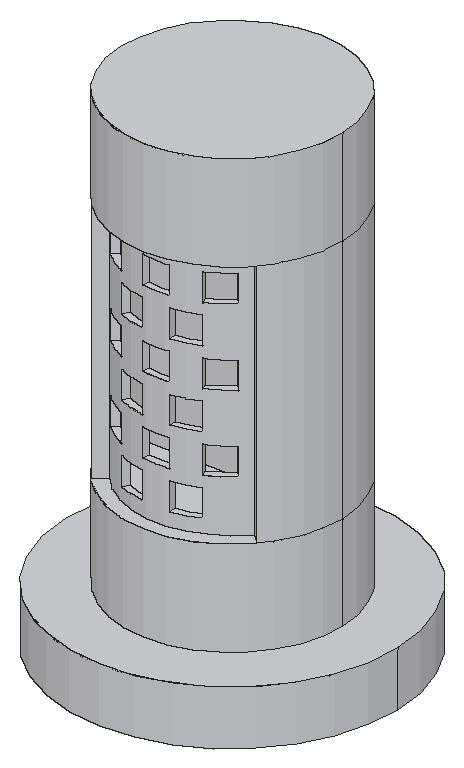
Revit family
Parameters (values of type "SBSP-015.5")
  Width = 2' - 8"
  URL = "www.strombergarchitectural.com"
  Top Material = GFRP
  Submittal Sheet = "www.strombergarchitectural.com/images/materials/gfrc/submittal/gfrc-submittal-sheet.pdf"
  Specifications = "www.strombergarchitectural.com/gfrcspecifications"
  Model Cut-sheet = "www.strombergarchitectural.com/products/bollards/design/SBSP-015"
  Model = "SBSP-015"
  Manufacturer = "Stromberg Architectural Products"
  Guidebook = "www.strombergarchitectural.com/images/materials/gfrc/handbooks/gfrc_guidebook.pdf"
  Frame Material = none
  Description = "GFRC Bollard"
  Assembly Code = ""
  Height = 4' - 0"
  XXX.5 = yes
  XXX.4 = no
  XXX.3 = no
  XXX.2 = no
  XXX.1 = no
Types (6): name | Width | Top Material | Guidebook | Height | XXX.5 | XXX.4 | XXX.3 | XXX.2 | XXX.1
  (no name) | 2' - 8" | GFRP | "www.strombergarchitectural.com/images/materials/gfrc/handbooks/gfrc_guidebook.pdf" | 4' - 0" | yes | no | no | no | no
  SBSP-015.3 | 2' - 0" | GFRC | "www.strombergarchitectural.com/images/materials/gfrc/handbooks/gfrc_guidebook.pdf" | 3' - 0" | no | no | yes | no | no
  SBSP-015.1 | 1' - 4" | GFRC | "www.strombergarchitectural.com/images/materials/gfrc/handbooks/gfrc_guidebook.pdf   \r\n(http://www.strombergarchitectural.com/images/materials/gfrc/handbooks/gfrc_guidebook.pdf" | 2' - 0" | no | no | no | no | yes
  SBSP-015.2 | 1' - 8" | GFRC | "www.strombergarchitectural.com/images/materials/gfrc/handbooks/gfrc_guidebook.pdf" | 2' - 6" | no | no | no | yes | no
  SBSP-015.4 | 2' - 4" | GFRC | "www.strombergarchitectural.com/images/materials/gfrc/handbooks/gfrc_guidebook.pdf" | 3' - 6" | no | yes | no | no | no
  SBSP-015.5 | 2' - 8" | GFRP | "www.strombergarchitectural.com/images/materials/gfrc/handbooks/gfrc_guidebook.pdf" | 4' - 0" | yes | no | no | no | no
Reference planes (in)
  plane 1 "Center (Front/Back)": y = 3.74847
  plane 2: z = 0
  plane 3 "Center (Left/Right)": x = 0.7278
  plane 4 "Front": y = -3.25153
  plane 5 "Back": y = 10.74847
  plane 6: z = 5.33333
  plane 7: z = 14.66667
  plane 8: z = 38.66667
  plane 9: z = 48
  plane 10: z = 16
  plane 11: y = -6.9182
  plane 12: y = 14.41513
Forms (in)
  Extrusion 1, solid, visible <- "XXX.1"
    sketch origin (0, 0, 0) x (1, 0, 0) y (0, 1, 0)
      loop
        circle (0.7278, 3.74847) r 8
    from 0 to 2.66667
  Extrusion 2, solid, visible <- "XXX.2"
    sketch origin (0, 0, 0) x (1, 0, 0) y (0, 1, 0)
      loop
        circle (0.7278, 3.74847) r 10
    from 0 to 3.33333
  Extrusion 3, solid, visible <- "XXX.2"
    sketch origin (10.7278, -48, 3.33333) x (0, -1, 0) y (-1, 0, 0)
      loop
        circle (-51.74847, 10) r 6.66667
    from -5.83333 to 0
  Extrusion 4, solid, visible <- "XXX.2"
    sketch origin (5.7278, -48, 24.16667) x (0, -1, 0) y (-1, 0, 0)
      loop
        circle (-51.74847, 5) r 6.66667
    from -5.83333 to 0
  Extrusion 5, solid, visible <- "XXX.2"
    sketch origin (5.7278, -48, 9.16667) x (0, -1, 0) y (-1, 0, 0)
      loop
        arc (-51.74847, 10.91667) -> (-50.0186, 10.65814) -> (-48.43991, 9.90514) r 5.91667
        line (-48.43991, 9.90514) -> (-48.9213, 9.42375)
        arc (-48.9213, 9.42375) -> (-46.49847, 5) -> (-48.9213, 0.57625) r 5.25
        line (-48.9213, 0.57625) -> (-48.43991, 0.09486) -> (-51.74847, -0.91667) -> (-51.74847, -1.66667)
        arc (-51.74847, -1.66667) -> (-49.39145, -1.2361) -> (-47.33888, 0) r 6.66667
        line (-47.33888, 0) -> (-47.83496, 0.5625)
        arc (-47.83496, 0.5625) -> (-45.8318, 5) -> (-47.83496, 9.4375) r 5.91667
        line (-47.83496, 9.4375) -> (-47.33888, 10)
        arc (-47.33888, 10) -> (-49.39145, 11.2361) -> (-51.74847, 11.66667) r 6.66667
        line (-51.74847, 11.66667) -> (-51.74847, 10.91667)
    from -15 to 0
  Extrusion 6, solid, visible <- "XXX.3"
    sketch origin (0, 0, 0) x (1, 0, 0) y (0, 1, 0)
      loop
        circle (0.7278, 3.74847) r 12
    from 0 to 4
  Extrusion 7, solid, visible <- "XXX.3"
    sketch origin (12.7278, -48, 4) x (0, -1, 0) y (-1, 0, 0)
      loop
        circle (-51.74847, 12) r 8
    from -7 to 0
  Extrusion 8, solid, visible <- "XXX.3"
    sketch origin (6.7278, -48, 29) x (0, -1, 0) y (-1, 0, 0)
      loop
        circle (-51.74847, 6) r 8
    from -7 to 0
  Extrusion 9, solid, visible <- "XXX.3"
    sketch origin (6.7278, -48, 11) x (0, -1, 0) y (-1, 0, 0)
      loop
        arc (-51.74847, 12) -> (-45.74847, 6) -> (-51.74847, 0) r 6
        line (-51.74847, 0) -> (-51.74847, -2)
        arc (-51.74847, -2) -> (-48.92004, -1.48331) -> (-46.45697, 0) r 8
        line (-46.45697, 0) -> (-47.12547, 0.75801)
        arc (-47.12547, 0.75801) -> (-44.74185, 6.03383) -> (-47.16566, 11.2913) r 6.97165
        line (-47.16566, 11.2913) -> (-46.45697, 12)
        arc (-46.45697, 12) -> (-48.92004, 13.48331) -> (-51.74847, 14) r 8
        line (-51.74847, 14) -> (-51.74847, 12)
    from -18 to 0
  Extrusion 10, solid, visible <- "XXX.4"
    sketch origin (0, 0, 0) x (1, 0, 0) y (0, 1, 0)
      loop
        circle (0.7278, 3.74847) r 14
    from 0 to 4.66667
  Extrusion 11, solid, visible <- "XXX.4"
    sketch origin (14.7278, -48, 4.66667) x (0, -1, 0) y (-1, 0, 0)
      loop
        circle (-51.74847, 14) r 9.33333
    from -7.80656 to 0
  Extrusion 12, solid, visible <- "XXX.4"
    sketch origin (7.7278, -48, 33.83333) x (0, -1, 0) y (-1, 0, 0)
      loop
        circle (-51.74847, 7) r 9.33333
    from -8.16667 to 0
  Extrusion 13, solid, visible <- "XXX.4"
    sketch origin (7.7278, -48, 12.83333) x (0, -1, 0) y (-1, 0, 0)
      loop
        arc (-51.74847, 14) -> (-44.74847, 7) -> (-51.74847, 0) r 7
        line (-51.74847, 0) -> (-51.74847, -2.33333)
        arc (-51.74847, -2.33333) -> (-48.44864, -1.73053) -> (-45.57505, 0) r 9.33333
        line (-45.57505, 0) -> (-46.52002, 0.94497)
        arc (-46.52002, 0.94497) -> (-43.74847, 7) -> (-46.52002, 13.05503) r 8
        line (-46.52002, 13.05503) -> (-45.57505, 14)
        arc (-45.57505, 14) -> (-48.44864, 15.73053) -> (-51.74847, 16.33333) r 9.33333
        line (-51.74847, 16.33333) -> (-51.74847, 14)
    from -21 to 0.36011
  Extrusion 14, solid, visible <- "XXX.5"
    sketch origin (0, 0, 0) x (1, 0, 0) y (0, 1, 0)
      loop
        circle (0.7278, 3.74847) r 16
    from 0 to 5.33333
  Extrusion 15, solid, visible <- "XXX.5"
    sketch origin (16.7278, -48, 5.33333) x (0, -1, 0) y (-1, 0, 0)
      loop
        circle (-51.74847, 16) r 10.66667
    from -9.33333 to 0
  Extrusion 16, void
    sketch origin (0, 0, 7.5) x (1, 0, 0) y (0, 1, 0)
      loop
        line (-4.8647, -2.56287) -> (-5.8893, -3.58748) -> (-3.39748, -5.2204) -> (-2.83423, -3.89346) -> (-4.8647, -2.56287)
      loop
        line (-0.48711, -4.49166) -> (-0.67345, -6.00928) -> (2.1563, -6.00928) -> (1.90569, -4.42699) -> (-0.48711, -4.49166)
      loop
        line (4.29087, -3.90406) -> (4.87275, -5.21098) -> (7.28109, -3.64698) -> (6.34498, -2.5701) -> (4.29087, -3.90406)
    from 19.7 to 22.36667
  Extrusion 17, void
    sketch origin (0, 0, 14.75) x (1, 0, 0) y (0, 1, 0)
      loop
        line (-4.8647, -2.56287) -> (-5.8893, -3.58748) -> (-3.39748, -5.2204) -> (-2.83423, -3.89346) -> (-4.8647, -2.56287)
      loop
        line (-0.48711, -4.49166) -> (-0.67345, -6.00928) -> (2.1563, -6.00928) -> (1.90569, -4.42699) -> (-0.48711, -4.49166)
      loop
        line (4.29087, -3.90406) -> (4.87275, -5.21098) -> (7.28109, -3.64698) -> (6.34498, -2.5701) -> (4.29087, -3.90406)
    from 19.91667 to 22.58333
  Extrusion 18, void
    sketch origin (0, 0, 0.25) x (1, 0, 0) y (0, 1, 0)
      loop
        line (-4.8647, -2.56287) -> (-5.8893, -3.58748) -> (-3.39748, -5.2204) -> (-2.83423, -3.89346) -> (-4.8647, -2.56287)
      loop
        line (-0.48711, -4.49166) -> (-0.67345, -6.00928) -> (2.1563, -6.00928) -> (1.90569, -4.42699) -> (-0.48711, -4.49166)
      loop
        line (4.29087, -3.90406) -> (4.87275, -5.21098) -> (7.28109, -3.64698) -> (6.34498, -2.5701) -> (4.29087, -3.90406)
    from 19.48333 to 22.15
  Extrusion 19, void
    sketch origin (0, 0, 0) x (1, 0, 0) y (0, 1, 0)
      loop
        line (-2.83423, -3.89346) -> (-3.43305, -5.30418) -> (-0.68655, -6.11595) -> (-0.48711, -4.49166) -> (-2.83423, -3.89346)
      loop
        line (1.90569, -4.42699) -> (2.15935, -6.18759) -> (4.9403, -5.3627) -> (4.29087, -3.90406) -> (1.90569, -4.42699)
    from 16 to 18.66667
  Extrusion 20, void
    sketch origin (0, 0, 7.46667) x (1, 0, 0) y (0, 1, 0)
      loop
        line (-2.83423, -3.89346) -> (-3.43305, -5.30418) -> (-0.68655, -6.11595) -> (-0.48711, -4.49166) -> (-2.83423, -3.89346)
      loop
        line (1.90569, -4.42699) -> (2.15935, -6.18759) -> (4.9403, -5.3627) -> (4.29087, -3.90406) -> (1.90569, -4.42699)
    from 16 to 18.66667
  Extrusion 21, void
    sketch origin (0, 0, 14.93333) x (1, 0, 0) y (0, 1, 0)
      loop
        line (-2.83423, -3.89346) -> (-3.43305, -5.30418) -> (-0.68655, -6.11595) -> (-0.48711, -4.49166) -> (-2.83423, -3.89346)
      loop
        line (1.90569, -4.42699) -> (2.15935, -6.18759) -> (4.9403, -5.3627) -> (4.29087, -3.90406) -> (1.90569, -4.42699)
    from 16 to 18.66667
  Extrusion 22, solid, visible <- "XXX.5"
    sketch origin (8.7278, -48, 14.66667) x (0, -1, 0) y (-1, 0, 0)
      loop
        line (-51.74847, -2.66667) -> (-51.74847, 18.66667)
        arc (-51.74847, 18.66667) -> (-62.41513, 8) -> (-51.74847, -2.66667) r 10.66667
    from -24 to 0
  Extrusion 23, solid, visible <- "XXX.5"
    sketch origin (8.7278, -48, 14.66667) x (0, -1, 0) y (-1, 0, 0)
      loop
        arc (-51.74847, 16.61939) -> (-43.12907, 8) -> (-51.74847, -0.61939) r 8.61939
        line (-51.74847, -0.61939) -> (-51.74847, -2.66667)
        arc (-51.74847, -2.66667) -> (-48.00441, -1.96721) -> (-44.74847, 0.00915) r 10.61231
        line (-44.74847, 0.00915) -> (-45.62232, 1)
        arc (-45.62232, 1) -> (-42.46241, 8) -> (-45.62232, 15) r 9.33333
        line (-45.62232, 15) -> (-44.74847, 16.00711)
        arc (-44.74847, 16.00711) -> (-47.99594, 18.00155) -> (-51.74847, 18.66667) r 10.21335
        line (-51.74847, 18.66667) -> (-51.74847, 16.61939)
    from -24 to 0
  Extrusion 24, solid, visible <- "XXX.5"
    sketch origin (8.7278, -48, 38.66667) x (0, -1, 0) y (-1, 0, 0)
      loop
        circle (-51.74847, 8) r 10.66667
    from -9.33333 to 0
  Extrusion 25, void
    sketch origin (6.56113, -48, 14) x (-1, 0, 0) y (0, -1, 0)
      loop
        line (11.41257, -45.44732) -> (9.38749, -44.0512) -> (8.65066, -45.70615) -> (10.16707, -46.69282) -> (11.41257, -45.44732)
      loop
        line (7.0549, -43.2749) -> (4.6187, -43.2749) -> (4.84905, -45.15097) -> (6.79124, -45.15097) -> (7.0549, -43.2749)
      loop
        line (2.23278, -43.92799) -> (0.15807, -45.34593) -> (1.38552, -46.70916) -> (2.99199, -45.71659) -> (2.23278, -43.92799)
    from 3.26667 to 5.6
  Extrusion 26, void
    sketch origin (6.56113, -48, 20.5) x (-1, 0, 0) y (0, -1, 0)
      loop
        line (11.41257, -45.44732) -> (9.38749, -44.0512) -> (8.65066, -45.70615) -> (10.16707, -46.69282) -> (11.41257, -45.44732)
      loop
        line (7.0549, -43.2749) -> (4.6187, -43.2749) -> (4.84905, -45.15097) -> (6.79124, -45.15097) -> (7.0549, -43.2749)
      loop
        line (2.23278, -43.92799) -> (0.15807, -45.34593) -> (1.38552, -46.70916) -> (2.99199, -45.71659) -> (2.23278, -43.92799)
    from 3.3 to 5.63333
  Extrusion 27, void
    sketch origin (6.56113, -48, 27) x (-1, 0, 0) y (0, -1, 0)
      loop
        line (11.41257, -45.44732) -> (9.38749, -44.0512) -> (8.65066, -45.70615) -> (10.16707, -46.69282) -> (11.41257, -45.44732)
      loop
        line (7.0549, -43.2749) -> (4.6187, -43.2749) -> (4.84905, -45.15097) -> (6.79124, -45.15097) -> (7.0549, -43.2749)
      loop
        line (2.23278, -43.92799) -> (0.15807, -45.34593) -> (1.38552, -46.70916) -> (2.99199, -45.71659) -> (2.23278, -43.92799)
    from 3.33333 to 5.66667
  Extrusion 28, void
    sketch origin (6.56113, -48, 14) x (-1, 0, 0) y (0, -1, 0)
      loop
        line (9.39035, -44.04478) -> (7.0469, -43.36944) -> (6.73403, -45.34482) -> (8.61534, -45.78549) -> (9.39035, -44.04478)
      loop
        line (4.61851, -43.3229) -> (2.25868, -43.96948) -> (3.04014, -45.81049) -> (4.91955, -45.46494) -> (4.61851, -43.3229)
    from 0 to 2.33333
  Extrusion 29, void
    sketch origin (6.56113, -48, 20.53333) x (-1, 0, 0) y (0, -1, 0)
      loop
        line (9.39035, -44.04478) -> (7.0469, -43.36944) -> (6.73403, -45.34482) -> (8.61534, -45.78549) -> (9.39035, -44.04478)
      loop
        line (4.61851, -43.3229) -> (2.25868, -43.96948) -> (3.04014, -45.81049) -> (4.91955, -45.46494) -> (4.61851, -43.3229)
    from 0 to 2.33333
  Extrusion 30, solid, visible <- "XXX.4"
    sketch origin (10.06113, -48, 12.47323) x (0, -1, 0) y (-1, 0, 0)
      loop
        line (-51.74847, 16.33333) -> (-51.74847, 18.66667)
        arc (-51.74847, 18.66667) -> (-61.0818, 9.33333) -> (-51.74847, 0) r 9.33333
        line (-51.74847, 0) -> (-51.74847, 16.33333)
    from -21.36011 to 0
  Extrusion 31, void
    sketch origin (6.56113, -48, 27.06667) x (-1, 0, 0) y (0, -1, 0)
      loop
        line (9.39035, -44.04478) -> (7.0469, -43.36944) -> (6.73403, -45.34482) -> (8.61534, -45.78549) -> (9.39035, -44.04478)
      loop
        line (4.61851, -43.3229) -> (2.25868, -43.96948) -> (3.04014, -45.81049) -> (4.91955, -45.46494) -> (4.61851, -43.3229)
    from 0 to 2.33333
  Extrusion 32, solid, visible <- "XXX.3"
    sketch origin (6.7278, -48, 11) x (0, -1, 0) y (-1, 0, 0)
      loop
        line (-51.74847, -2) -> (-51.74847, 14)
        arc (-51.74847, 14) -> (-59.74847, 6) -> (-51.74847, -2) r 8
    from -18 to 0
  Extrusion 33, void
    sketch origin (6.7278, -48, 11) x (-1, 0, 0) y (0, -1, 0)
      loop
        line (10.82251, -46.31261) -> (9.0843, -45.08524) -> (8.41648, -46.52377) -> (9.64307, -47.49205) -> (10.82251, -46.31261)
      loop
        line (7.04267, -44.5303) -> (4.95673, -44.5303) -> (5.19298, -46.14576) -> (6.80981, -46.14576) -> (7.04267, -44.5303)
      loop
        line (2.93457, -45.13918) -> (1.1372, -46.24443) -> (2.20219, -47.4404) -> (3.67671, -46.66078) -> (2.93457, -45.13918)
    from 3.8 to 5.8
  Extrusion 34, void
    sketch origin (6.7278, -48, 16.5) x (-1, 0, 0) y (0, -1, 0)
      loop
        line (10.82251, -46.31261) -> (9.0843, -45.08524) -> (8.41648, -46.52377) -> (9.64307, -47.49205) -> (10.82251, -46.31261)
      loop
        line (7.04267, -44.5303) -> (4.95673, -44.5303) -> (5.19298, -46.14576) -> (6.80981, -46.14576) -> (7.04267, -44.5303)
      loop
        line (2.93457, -45.13918) -> (1.1372, -46.24443) -> (2.20219, -47.4404) -> (3.67671, -46.66078) -> (2.93457, -45.13918)
    from 3.9 to 5.9
  Extrusion 35, void
    sketch origin (6.7278, -48, 22.09606) x (-1, 0, 0) y (0, -1, 0)
      loop
        line (10.82251, -46.31261) -> (9.0843, -45.08524) -> (8.41648, -46.52377) -> (9.64307, -47.49205) -> (10.82251, -46.31261)
      loop
        line (7.04267, -44.5303) -> (4.95673, -44.5303) -> (5.19298, -46.14576) -> (6.80981, -46.14576) -> (7.04267, -44.5303)
      loop
        line (2.93457, -45.13918) -> (1.1372, -46.24443) -> (2.20219, -47.4404) -> (3.67671, -46.66078) -> (2.93457, -45.13918)
    from 3.90394 to 5.90394
  Extrusion 36, void
    sketch origin (6.7278, -48, 11) x (-1, 0, 0) y (0, -1, 0)
      loop
        line (8.97888, -45.31232) -> (7.0278, -44.63349) -> (6.82356, -46.05034) -> (8.45253, -46.4461) -> (8.97888, -45.31232)
      loop
        line (4.96359, -44.57721) -> (2.94323, -45.14609) -> (3.65416, -46.66991) -> (5.19548, -46.16284) -> (4.96359, -44.57721)
    from 1 to 3
  Extrusion 37, void
    sketch origin (6.7278, -48, 16.6) x (-1, 0, 0) y (0, -1, 0)
      loop
        line (8.97888, -45.31232) -> (7.0278, -44.63349) -> (6.82356, -46.05034) -> (8.45253, -46.4461) -> (8.97888, -45.31232)
      loop
        line (4.96359, -44.57721) -> (2.94323, -45.14609) -> (3.65416, -46.66991) -> (5.19548, -46.16284) -> (4.96359, -44.57721)
    from 1 to 3
  Extrusion 38, void
    sketch origin (6.7278, -48, 22.2) x (-1, 0, 0) y (0, -1, 0)
      loop
        line (8.97888, -45.31232) -> (7.0278, -44.63349) -> (6.82356, -46.05034) -> (8.45253, -46.4461) -> (8.97888, -45.31232)
      loop
        line (4.96359, -44.57721) -> (2.94323, -45.14609) -> (3.65416, -46.66991) -> (5.19548, -46.16284) -> (4.96359, -44.57721)
    from 1 to 3
  Extrusion 39, solid, visible <- "XXX.2"
    sketch origin (7.39447, -48, 9.16667) x (0, -1, 0) y (-1, 0, 0)
      loop
        arc (-51.74847, 13.33333) -> (-58.41513, 6.66667) -> (-51.74847, 0) r 6.66667
        line (-51.74847, 0) -> (-51.74847, 13.33333)
    from -15 to 0
  Extrusion 40, void
    sketch origin (7.39447, -48, 9.16667) x (-1, 0, 0) y (0, -1, 0)
      loop
        line (10.6334, -47.23151) -> (9.14932, -46.32883) -> (8.80531, -47.06657) -> (10.05887, -47.88628) -> (10.6334, -47.23151)
      loop
        line (7.49281, -45.84302) -> (5.78735, -45.84302) -> (5.89899, -46.63738) -> (7.38117, -46.63738) -> (7.49281, -45.84302)
      loop
        line (4.12796, -46.32266) -> (2.64811, -47.22691) -> (3.21793, -47.88241) -> (4.48087, -47.07947) -> (4.12796, -46.32266)
    from 3.16667 to 4.83333
  Extrusion 41, void
    sketch origin (7.39447, -48, 13.83333) x (-1, 0, 0) y (0, -1, 0)
      loop
        line (10.6334, -47.23151) -> (9.14932, -46.32883) -> (8.80531, -47.06657) -> (10.05887, -47.88628) -> (10.6334, -47.23151)
      loop
        line (7.49281, -45.84302) -> (5.78735, -45.84302) -> (5.89899, -46.63738) -> (7.38117, -46.63738) -> (7.49281, -45.84302)
      loop
        line (4.12796, -46.32266) -> (2.64811, -47.22691) -> (3.21793, -47.88241) -> (4.48087, -47.07947) -> (4.12796, -46.32266)
    from 3.16667 to 4.83333
  Extrusion 42, void
    sketch origin (7.39447, -48, 18.5) x (-1, 0, 0) y (0, -1, 0)
      loop
        line (10.6334, -47.23151) -> (9.14932, -46.32883) -> (8.80531, -47.06657) -> (10.05887, -47.88628) -> (10.6334, -47.23151)
      loop
        line (7.49281, -45.84302) -> (5.78735, -45.84302) -> (5.89899, -46.63738) -> (7.38117, -46.63738) -> (7.49281, -45.84302)
      loop
        line (4.12796, -46.32266) -> (2.64811, -47.22691) -> (3.21793, -47.88241) -> (4.48087, -47.07947) -> (4.12796, -46.32266)
    from 3.16667 to 4.83333
  Extrusion 43, void
    sketch origin (7.39447, -48, 9.16667) x (-1, 0, 0) y (0, -1, 0)
      loop
        line (9.17162, -46.3692) -> (7.47098, -45.83136) -> (7.36436, -46.59) -> (8.86765, -47.02106) -> (9.17162, -46.3692)
      loop
        line (5.7987, -45.80949) -> (4.11322, -46.34839) -> (4.44012, -47.04943) -> (5.93918, -46.60619) -> (5.7987, -45.80949)
    from 0.83333 to 2.5
  Extrusion 44, void
    sketch origin (7.39447, -48, 13.83333) x (-1, 0, 0) y (0, -1, 0)
      loop
        line (9.17162, -46.3692) -> (7.47098, -45.83136) -> (7.36436, -46.59) -> (8.86765, -47.02106) -> (9.17162, -46.3692)
      loop
        line (5.7987, -45.80949) -> (4.11322, -46.34839) -> (4.44012, -47.04943) -> (5.93918, -46.60619) -> (5.7987, -45.80949)
    from 0.83333 to 2.5
  Extrusion 45, void
    sketch origin (7.39447, -48, 18.5) x (-1, 0, 0) y (0, -1, 0)
      loop
        line (9.17162, -46.3692) -> (7.47098, -45.83136) -> (7.36436, -46.59) -> (8.86765, -47.02106) -> (9.17162, -46.3692)
      loop
        line (5.7987, -45.80949) -> (4.11322, -46.34839) -> (4.44012, -47.04943) -> (5.93918, -46.60619) -> (5.7987, -45.80949)
    from 0.83333 to 2.5
  Extrusion 46, void
    sketch origin (5.43613, -48, 7.33333) x (-1, 0, 0) y (0, -1, 0)
      loop
        line (7.81636, -48.13724) -> (6.64858, -47.40752) -> (6.39043, -47.96112) -> (7.41366, -48.6005) -> (7.81636, -48.13724)
      loop
        line (5.33387, -47.03025) -> (3.95752, -47.03025) -> (4.05523, -47.64717) -> (5.22509, -47.64717) -> (5.33387, -47.03025)
      loop
        line (2.66542, -47.46576) -> (1.49687, -48.18065) -> (1.9274, -48.67593) -> (2.90077, -47.99437) -> (2.66542, -47.46576)
    from 2.53333 to 3.86667
  Extrusion 47, void
    sketch origin (5.43613, -48, 11.06667) x (-1, 0, 0) y (0, -1, 0)
      loop
        line (7.81636, -48.13724) -> (6.64858, -47.40752) -> (6.39043, -47.96112) -> (7.41366, -48.6005) -> (7.81636, -48.13724)
      loop
        line (5.33387, -47.03025) -> (3.95752, -47.03025) -> (4.05523, -47.64717) -> (5.22509, -47.64717) -> (5.33387, -47.03025)
      loop
        line (2.66542, -47.46576) -> (1.49687, -48.18065) -> (1.9274, -48.67593) -> (2.90077, -47.99437) -> (2.66542, -47.46576)
    from 2.53333 to 3.86667
  Extrusion 48, void
    sketch origin (5.43613, -48, 14.8) x (-1, 0, 0) y (0, -1, 0)
      loop
        line (7.81636, -48.13724) -> (6.64858, -47.40752) -> (6.39043, -47.96112) -> (7.41366, -48.6005) -> (7.81636, -48.13724)
      loop
        line (5.33387, -47.03025) -> (3.95752, -47.03025) -> (4.05523, -47.64717) -> (5.22509, -47.64717) -> (5.33387, -47.03025)
      loop
        line (2.66542, -47.46576) -> (1.49687, -48.18065) -> (1.9274, -48.67593) -> (2.90077, -47.99437) -> (2.66542, -47.46576)
    from 2.53333 to 3.86667
  Extrusion 49, void
    sketch origin (5.43613, -48, 7.33333) x (-1, 0, 0) y (0, -1, 0)
      loop
        line (6.68853, -47.43425) -> (5.31823, -47.02694) -> (5.20794, -47.65244) -> (6.44317, -47.96042) -> (6.68853, -47.43425)
      loop
        line (3.97678, -47.02872) -> (2.64951, -47.46608) -> (2.88887, -48.00368) -> (4.08425, -47.63821) -> (3.97678, -47.02872)
    from 0.66667 to 2
  Extrusion 50, void
    sketch origin (5.43613, -48, 11.06667) x (-1, 0, 0) y (0, -1, 0)
      loop
        line (6.68853, -47.43425) -> (5.31823, -47.02694) -> (5.20794, -47.65244) -> (6.44317, -47.96042) -> (6.68853, -47.43425)
      loop
        line (3.97678, -47.02872) -> (2.64951, -47.46608) -> (2.88887, -48.00368) -> (4.08425, -47.63821) -> (3.97678, -47.02872)
    from 0.66667 to 2
  Extrusion 51, void
    sketch origin (5.43613, -48, 14.8) x (-1, 0, 0) y (0, -1, 0)
      loop
        line (6.68853, -47.43425) -> (5.31823, -47.02694) -> (5.20794, -47.65244) -> (6.44317, -47.96042) -> (6.68853, -47.43425)
      loop
        line (3.97678, -47.02872) -> (2.64951, -47.46608) -> (2.88887, -48.00368) -> (4.08425, -47.63821) -> (3.97678, -47.02872)
    from 0.66667 to 2
  Extrusion 52, solid, visible <- "XXX.1"
    sketch origin (5.43613, -48, 7.33333) x (0, -1, 0) y (-1, 0, 0)
      loop
        arc (-51.74847, 9.97828) -> (-57.0818, 4.64495) -> (-51.74847, -0.68838) r 5.33333
        line (-51.74847, -0.68838) -> (-51.74847, 9.97828)
    from -12 to 0
  Extrusion 53, solid, visible <- "XXX.1"
    sketch origin (5.43613, -48, 7.33333) x (0, -1, 0) y (-1, 0, 0)
      loop
        arc (-51.74847, 8.89495) -> (-47.49847, 4.64495) -> (-51.74847, 0.39495) r 4.25
        line (-51.74847, 0.39495) -> (-51.74847, -0.68838)
        arc (-51.74847, -0.68838) -> (-49.86654, -0.34302) -> (-48.2276, 0.64431) r 5.33337
        line (-48.2276, 0.64431) -> (-48.66919, 1.14649)
        arc (-48.66919, 1.14649) -> (-47.08705, 4.64453) -> (-48.66919, 8.14256) r 4.65805
        line (-48.66919, 8.14256) -> (-48.23478, 8.63598)
        arc (-48.23478, 8.63598) -> (-49.86779, 9.63128) -> (-51.74847, 9.97828) r 5.26995
        line (-51.74847, 9.97828) -> (-51.74847, 8.89495)
    from -12 to 0
  Extrusion 54, solid, visible <- "XXX.1"
    sketch origin (5.43613, -48, 7.33333) x (0, -1, 0) y (-1, 0, 0)
      loop
        circle (-51.74847, 4.64495) r 5.33333
    from 0 to 4.66667
  Extrusion 55, solid, visible <- "XXX.1"
    sketch origin (5.43613, -48, 24) x (0, -1, 0) y (-1, 0, 0)
      loop
        circle (-51.74847, 4.64495) r 5.33333
    from 0 to 4.66667
Cuts and joins
  Extrusion 40, Extrusion 41, Extrusion 42, Extrusion 43, Extrusion 44, Extrusion 45 cuts Extrusion 2
  Extrusion 40, Extrusion 41, Extrusion 42, Extrusion 43, Extrusion 44, Extrusion 45 cuts Extrusion 3
  Extrusion 40, Extrusion 41, Extrusion 42, Extrusion 43, Extrusion 44, Extrusion 45 cuts Extrusion 4
  Extrusion 40, Extrusion 41, Extrusion 42, Extrusion 43, Extrusion 44, Extrusion 45 cuts Extrusion 5
  joined: Extrusion 2, Extrusion 3, Extrusion 4, Extrusion 5, Extrusion 39
  Extrusion 33, Extrusion 34, Extrusion 35, Extrusion 36, Extrusion 37, Extrusion 38 cuts Extrusion 6
  Extrusion 33, Extrusion 34, Extrusion 35, Extrusion 36, Extrusion 37, Extrusion 38 cuts Extrusion 7
  Extrusion 33, Extrusion 34, Extrusion 35, Extrusion 36, Extrusion 37, Extrusion 38 cuts Extrusion 8
  Extrusion 33, Extrusion 34, Extrusion 35, Extrusion 36, Extrusion 37, Extrusion 38 cuts Extrusion 9
  joined: Extrusion 6, Extrusion 7, Extrusion 8, Extrusion 9, Extrusion 32
  Extrusion 25, Extrusion 26, Extrusion 27, Extrusion 28, Extrusion 29, Extrusion 31 cuts Extrusion 10
  Extrusion 25, Extrusion 26, Extrusion 27, Extrusion 28, Extrusion 29, Extrusion 31 cuts Extrusion 11
  Extrusion 25, Extrusion 26, Extrusion 27, Extrusion 28, Extrusion 29, Extrusion 31 cuts Extrusion 12
  Extrusion 25, Extrusion 26, Extrusion 27, Extrusion 28, Extrusion 29, Extrusion 31 cuts Extrusion 13
  Extrusion 31 cuts Extrusion 30
  joined: Extrusion 10, Extrusion 11, Extrusion 12, Extrusion 13, Extrusion 30
  Extrusion 16, Extrusion 19 cuts Extrusion 14
  Extrusion 16, Extrusion 19 cuts Extrusion 15
  Extrusion 16, Extrusion 17, Extrusion 18, Extrusion 19, Extrusion 20, Extrusion 21 cuts Extrusion 23
  joined: Extrusion 14, Extrusion 15, Extrusion 22, Extrusion 23, Extrusion 24
  Extrusion 46, Extrusion 47, Extrusion 48, Extrusion 49, Extrusion 50, Extrusion 51 cuts Extrusion 1
  Extrusion 46, Extrusion 47, Extrusion 48, Extrusion 49, Extrusion 50, Extrusion 51 cuts Extrusion 53
  joined: Extrusion 1, Extrusion 52, Extrusion 53, Extrusion 54, Extrusion 55
Lines and regions (in)
  symbolic lines
    curve 1: circle (0.7278, 3.74847, 14.66667) r 9.66667 normal (0, 0, -1)
    curve 2: circle (0.7278, 3.74847, 14.66667) r 8 normal (0, 0, -1)
Dimensions and locks (in)
  aligned and locked: level to plane 2
